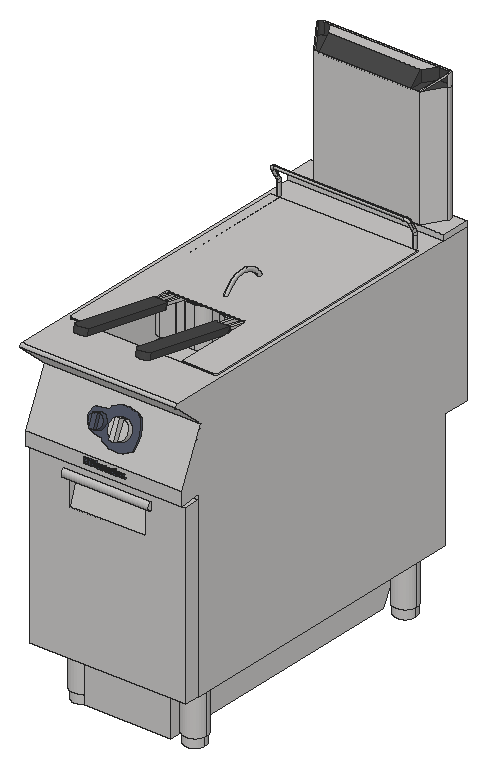
Revit family "QF_ELECTROLUXPROFESSIONAL_391084_E9FRGD1JFT", category Specialty Equipment, Revit 2018 (continued)
Automatic sketch dimensions
  Extrusion 16 sketch curve to Extrusion 16 sketch curve = 0.291 mm
  plane 7 "Center Y" to Extrusion 16 sketch curve = 8.533 mm
  Extrusion 16 sketch curve to Extrusion 16 sketch curve = 1.049 mm  (x2)
  Extrusion 16 sketch curve to Extrusion 16 sketch curve = 1.7 mm
  Extrusion 16 sketch curve to Extrusion 16 sketch curve = 0.894 mm
  Extrusion 16 sketch curve to plane 7 "Center Y" = 1.202 mm
  Extrusion 16 sketch curve to Extrusion 16 sketch curve = 0.989 mm
  Extrusion 16 sketch curve to Extrusion 16 sketch curve = 1.168 mm
  Extrusion 16 sketch curve to Extrusion 16 sketch curve = 1.594 mm
  Extrusion 16 sketch curve to Extrusion 16 sketch curve = 0.731 mm
  Extrusion 16 sketch curve to Extrusion 16 sketch curve = 1.566 mm
  Extrusion 16 sketch curve to Extrusion 16 sketch curve = 0.064 mm
  plane 7 "Center Y" to Extrusion 16 sketch curve = 9.089 mm
  Extrusion 16 sketch curve to Extrusion 16 sketch curve = 0.556 mm  (x2)
  Extrusion 16 sketch curve to Extrusion 16 sketch curve = 0.48 mm
  Extrusion 16 sketch curve to Extrusion 16 sketch curve = 1.018 mm
  Extrusion 16 sketch curve to Extrusion 16 sketch curve = 0.787 mm
  Extrusion 16 sketch curve to Extrusion 16 sketch curve = 0.618 mm
  Extrusion 16 sketch curve to Extrusion 16 sketch curve = 1.672 mm
  Extrusion 16 sketch curve to Extrusion 16 sketch curve = 1.361 mm
  Extrusion 16 sketch curve to Extrusion 16 sketch curve = 0.822 mm
  Extrusion 16 sketch curve to Extrusion 16 sketch curve = 0.069 mm
  Extrusion 16 sketch curve to Extrusion 16 sketch curve = 1.88 mm
  Extrusion 16 sketch curve to Extrusion 16 sketch curve = 0.42 mm
  Extrusion 16 sketch curve to Extrusion 16 sketch curve = 0.062 mm
  Extrusion 16 sketch curve to Extrusion 16 sketch curve = 1.355 mm
  Extrusion 16 sketch curve to Extrusion 16 sketch curve = 2.34 mm
  Extrusion 16 sketch curve to Extrusion 16 sketch curve = 0.493 mm
  Extrusion 16 sketch curve to Extrusion 16 sketch curve = 0.136 mm
  Extrusion 16 sketch curve to Extrusion 16 sketch curve = 0.128 mm
  Extrusion 16 sketch curve to Extrusion 16 sketch curve = 3.616 mm
  Extrusion 16 sketch curve to Extrusion 16 sketch curve = 4.207 mm
  Extrusion 16 sketch curve to Extrusion 16 sketch curve = 0.183 mm
  Extrusion 16 sketch curve to Extrusion 16 sketch curve = 0.895 mm
  Extrusion 16 sketch curve to Extrusion 16 sketch curve = 1.314 mm
  Extrusion 16 sketch curve to Extrusion 16 sketch curve = 3.231 mm
  Extrusion 16 sketch curve to Extrusion 16 sketch curve = 1.299 mm
  Extrusion 16 sketch curve to Extrusion 16 sketch curve = 1.214 mm
  Extrusion 16 sketch curve to Extrusion 16 sketch curve = 1.264 mm
  Extrusion 16 sketch curve to Extrusion 16 sketch curve = 0.109 mm
  Extrusion 16 sketch curve to Extrusion 16 sketch curve = 0.357 mm
  Extrusion 16 sketch curve to Extrusion 16 sketch curve = 0.565 mm
  Extrusion 16 sketch curve to Extrusion 16 sketch curve = 2.504 mm
  Extrusion 16 sketch curve to Extrusion 16 sketch curve = 2.459 mm
  Extrusion 16 sketch curve to Extrusion 16 sketch curve = 1.322 mm
  Extrusion 16 sketch curve to Extrusion 16 sketch curve = 2.77 mm
  Extrusion 16 sketch curve to Extrusion 16 sketch curve = 2.51 mm
  Extrusion 16 sketch curve to Extrusion 16 sketch curve = 0.187 mm
  Extrusion 16 sketch curve to Extrusion 16 sketch curve = 2.559 mm
  Extrusion 16 sketch curve to Extrusion 16 sketch curve = 1.556 mm
  Extrusion 16 sketch curve to Extrusion 16 sketch curve = 0.222 mm
  Extrusion 16 sketch curve to Extrusion 16 sketch curve = 1.383 mm
  Extrusion 16 sketch curve to Extrusion 16 sketch curve = 3.114 mm
  Extrusion 16 sketch curve to Extrusion 16 sketch curve = 3.376 mm
  Extrusion 16 sketch curve to Extrusion 16 sketch curve = 0.934 mm
  Extrusion 16 sketch curve to Extrusion 16 sketch curve = 0.191 mm
  Extrusion 16 sketch curve to Extrusion 16 sketch curve = 3.696 mm
  Extrusion 16 sketch curve to Extrusion 16 sketch curve = 2.708 mm
  Extrusion 16 sketch curve to Extrusion 16 sketch curve = 3.333 mm
  Extrusion 16 sketch curve to Extrusion 16 sketch curve = 0.332 mm
  Extrusion 16 sketch curve to Extrusion 16 sketch curve = 1.087 mm
  Extrusion 16 sketch curve to Extrusion 16 sketch curve = 2.23 mm
  Extrusion 16 sketch curve to Extrusion 16 sketch curve = 2.757 mm
  Extrusion 16 sketch curve to Extrusion 16 sketch curve = 0.987 mm
  Extrusion 16 sketch curve to Extrusion 16 sketch curve = 1.529 mm
  Extrusion 16 sketch curve to Extrusion 16 sketch curve = 1.796 mm
  Extrusion 16 sketch curve to Extrusion 16 sketch curve = 2.859 mm
  Extrusion 16 sketch curve to Extrusion 16 sketch curve = 0.853 mm
  Extrusion 16 sketch curve to Extrusion 16 sketch curve = 1.241 mm
  Extrusion 16 sketch curve to Extrusion 16 sketch curve = 2.046 mm  (x2)
  Extrusion 16 sketch curve to Extrusion 16 sketch curve = 2.422 mm
  Extrusion 16 sketch curve to Extrusion 16 sketch curve = 0.27 mm  (x2)
  Extrusion 16 sketch curve to Extrusion 16 sketch curve = 0.69 mm
  Extrusion 16 sketch curve to Extrusion 16 sketch curve = 0.781 mm  (x2)
  Extrusion 16 sketch curve to Extrusion 16 sketch curve = 3.136 mm
  Extrusion 16 sketch curve to Extrusion 16 sketch curve = 1.767 mm
  Extrusion 16 sketch curve to Extrusion 16 sketch curve = 0.138 mm
  Extrusion 16 sketch curve to Extrusion 16 sketch curve = 0.777 mm
  Extrusion 16 sketch curve to Extrusion 16 sketch curve = 1.19 mm
  Extrusion 16 sketch curve to Extrusion 16 sketch curve = 0.782 mm
  Extrusion 16 sketch curve to Extrusion 16 sketch curve = 1.268 mm
  Extrusion 16 sketch curve to Extrusion 16 sketch curve = 0.422 mm  (x2)
  Extrusion 16 sketch curve to Extrusion 16 sketch curve = 1.559 mm
  Extrusion 16 sketch curve to Extrusion 16 sketch curve = 3.927 mm
  Extrusion 16 sketch curve to Extrusion 16 sketch curve = 0.983 mm
  Extrusion 16 sketch curve to Extrusion 16 sketch curve = 1.134 mm
  Extrusion 16 sketch curve to Extrusion 16 sketch curve = 0.094 mm
  Extrusion 16 sketch curve to Extrusion 16 sketch curve = 1.584 mm
  Extrusion 16 sketch curve to Extrusion 16 sketch curve = 0.916 mm
  Extrusion 16 sketch curve to Extrusion 16 sketch curve = 0.352 mm
  Extrusion 16 sketch curve to Extrusion 16 sketch curve = 0.458 mm
  Extrusion 16 sketch curve to Extrusion 16 sketch curve = 1.282 mm
  Extrusion 16 sketch curve to Extrusion 16 sketch curve = 0.685 mm
  Extrusion 16 sketch curve to Extrusion 16 sketch curve = 0.905 mm
  Extrusion 16 sketch curve to Extrusion 16 sketch curve = 2.865 mm
  Extrusion 16 sketch curve to Extrusion 16 sketch curve = 0.472 mm
  Extrusion 16 sketch curve to Extrusion 16 sketch curve = 0.101 mm
  Extrusion 16 sketch curve to Extrusion 16 sketch curve = 0.54 mm
  Extrusion 16 sketch curve to Extrusion 16 sketch curve = 0.02 mm
  Extrusion 16 sketch curve to Extrusion 16 sketch curve = 0.468 mm
  Extrusion 16 sketch curve to Extrusion 16 sketch curve = 0.829 mm
  Extrusion 16 sketch curve to Extrusion 16 sketch curve = 0.582 mm
  Extrusion 16 sketch curve to Extrusion 16 sketch curve = 0.166 mm
  Extrusion 16 sketch curve to Extrusion 16 sketch curve = 0.16 mm
  Extrusion 16 sketch curve to Extrusion 16 sketch curve = 2.781 mm
  Extrusion 16 sketch curve to Extrusion 16 sketch curve = 1.118 mm
  Extrusion 16 sketch curve to Extrusion 16 sketch curve = 0.613 mm
  Extrusion 16 sketch curve to Extrusion 16 sketch curve = 0.361 mm
  Extrusion 16 sketch curve to Extrusion 16 sketch curve = 0.897 mm
  Extrusion 16 sketch curve to Extrusion 16 sketch curve = 0.167 mm
  Extrusion 16 sketch curve to Extrusion 16 sketch curve = 0.292 mm
  Extrusion 16 sketch curve to Extrusion 16 sketch curve = 0.305 mm
  Extrusion 16 sketch curve to Extrusion 16 sketch curve = 1.557 mm
  Extrusion 16 sketch curve to Extrusion 16 sketch curve = 2.499 mm
  Extrusion 16 sketch curve to Extrusion 16 sketch curve = 3.062 mm
  Extrusion 16 sketch curve to Extrusion 16 sketch curve = 2.968 mm
  Extrusion 16 sketch curve to Extrusion 16 sketch curve = 5.044 mm
  Extrusion 16 sketch curve to Extrusion 16 sketch curve = 0.629 mm  (x2)
  Extrusion 16 sketch curve to Extrusion 16 sketch curve = 1.131 mm
  Extrusion 16 sketch curve to Extrusion 16 sketch curve = 0.137 mm
  Extrusion 16 sketch curve to Extrusion 16 sketch curve = 0.027 mm
  Extrusion 16 sketch curve to Extrusion 16 sketch curve = 2.235 mm
  Extrusion 17 sketch curve to Extrusion 17 sketch curve = 0 mm  (x2)
  Extrusion 17 sketch curve to plane 7 "Center Y" = 7.904 mm
  Extrusion 17 sketch curve to plane 7 "Center Y" = 14.86 mm
  Extrusion 17 sketch curve to Extrusion 17 sketch curve = 112.63 mm
  Extrusion 17 sketch curve to Extrusion 17 sketch curve = 1.398 mm
  Extrusion 17 sketch curve to Extrusion 17 sketch curve = 5.918 mm
  Extrusion 17 sketch curve to Extrusion 17 sketch curve = 7.825 mm
  Extrusion 17 sketch curve to Extrusion 17 sketch curve = 12.433 mm
  Extrusion 17 sketch curve to Extrusion 17 sketch curve = 33.329 mm
  Extrusion 17 sketch curve to Extrusion 17 sketch curve = 28.808 mm
  Extrusion 17 sketch curve to Extrusion 17 sketch curve = 2.986 mm
  Extrusion 17 sketch curve to Extrusion 17 sketch curve = 35.441 mm
  Extrusion 17 sketch curve to Extrusion 17 sketch curve = 23.969 mm
  Extrusion 17 sketch curve to plane 7 "Center Y" = 15.937 mm
  Extrusion 17 sketch curve to Extrusion 17 sketch curve = 31.993 mm
  Extrusion 17 sketch curve to Extrusion 17 sketch curve = 0.131 mm
  Extrusion 17 sketch curve to Extrusion 17 sketch curve = 36.738 mm
  Extrusion 17 sketch curve to Extrusion 17 sketch curve = 6.105 mm
  plane 7 "Center Y" to Extrusion 17 sketch curve = 23.064 mm
  Extrusion 17 sketch curve to Extrusion 17 sketch curve = 0.002 mm
  Extrusion 17 sketch curve to Extrusion 17 sketch curve = 38.412 mm
  Extrusion 17 sketch curve to Extrusion 17 sketch curve = 11.842 mm
  Extrusion 19 sketch curve to Extrusion 19 sketch curve = 24.732 mm
  Extrusion 19 sketch curve to Extrusion 19 sketch curve = 0 mm
  Extrusion 21 sketch curve to Extrusion 21 sketch curve = 0 mm
  Extrusion 21 sketch curve to Extrusion 21 sketch curve = 7.232 mm  (x3)
  Extrusion 21 sketch curve to Extrusion 21 sketch curve = 17.5 mm
  Extrusion 21 sketch curve to Extrusion 21 sketch curve = 5.786 mm
  Extrusion 24 sketch curve to Extrusion 24 sketch curve = 0 mm  (x8)
  Extrusion 24 sketch curve to plane 7 "Center Y" = 12.729 mm
  Extrusion 24 sketch curve to Extrusion 24 sketch curve = 3.175 mm
  Extrusion 24 sketch curve to Extrusion 24 sketch curve = 22.225 mm  (x2)
  plane 16 to Extrusion 24 sketch curve = 15.596 mm  (x2)
  Extrusion 24 sketch curve to plane 16 = 6.629 mm
  plane 12 to Extrusion 24 sketch curve = 59.26 mm
  Extrusion 24 sketch curve to plane 8 "Center X" = 80.89 mm
  plane 10 "TOP A" to Extrusion 26 sketch curve = 2.752 mm
  Extrusion 26 sketch curve to plane 8 "Center X" = 166.75 mm
  Extrusion 26 sketch curve to Extrusion 26 sketch curve = 2.306 mm
  Extrusion 26 sketch curve to Extrusion 26 sketch curve = 42.039 mm
  Extrusion 26 sketch curve to Extrusion 26 sketch curve = 6.254 mm
  Extrusion 26 sketch curve to Extrusion 26 sketch curve = 59.061 mm
  Extrusion 26 sketch curve to Extrusion 26 sketch curve = 7.158 mm
  Extrusion 26 sketch curve to Extrusion 26 sketch curve = 18.997 mm
  plane 10 "TOP A" to Extrusion 27 sketch curve = 2.752 mm
  Extrusion 27 sketch curve to plane 8 "Center X" = 166.75 mm
  Extrusion 27 sketch curve to Extrusion 27 sketch curve = 2.306 mm
  Extrusion 27 sketch curve to Extrusion 27 sketch curve = 42.039 mm
  Extrusion 27 sketch curve to Extrusion 27 sketch curve = 6.254 mm
  Extrusion 27 sketch curve to Extrusion 27 sketch curve = 59.061 mm
  Extrusion 27 sketch curve to Extrusion 27 sketch curve = 7.158 mm
  Extrusion 27 sketch curve to Extrusion 27 sketch curve = 5.916 mm
  Extrusion 28 sketch curve to Extrusion 28 sketch curve = 0 mm  (x8)
  plane 7 "Center Y" to Extrusion 28 sketch curve = 12.729 mm
  Extrusion 28 sketch curve to Extrusion 28 sketch curve = 3.175 mm
  Extrusion 28 sketch curve to Extrusion 28 sketch curve = 22.225 mm  (x2)
  Extrusion 28 sketch curve to plane 15 = 15.596 mm  (x2)
  plane 21 to Extrusion 28 sketch curve = 4.371 mm
  Extrusion 28 sketch curve to plane 8 "Center X" = 106.29 mm
  plane 12 to Extrusion 28 sketch curve = 84.66 mm
  plane 10 "TOP A" to Extrusion 29 sketch curve = 2.752 mm
  Extrusion 29 sketch curve to plane 8 "Center X" = 166.75 mm
  Extrusion 29 sketch curve to Extrusion 29 sketch curve = 2.306 mm
  Extrusion 29 sketch curve to Extrusion 29 sketch curve = 42.039 mm
  Extrusion 29 sketch curve to Extrusion 29 sketch curve = 6.254 mm
  Extrusion 29 sketch curve to Extrusion 29 sketch curve = 59.061 mm
  Extrusion 29 sketch curve to Extrusion 29 sketch curve = 7.158 mm
  Extrusion 29 sketch curve to Extrusion 29 sketch curve = 5.916 mm
  Extrusion 30 sketch curve to plane 11 = 0 mm
  level to Extrusion 30 sketch curve = 11 mm
  plane 13 to Extrusion 30 sketch curve = 35.361 mm
  plane 12 to Extrusion 30 sketch curve = 31.049 mm
  Extrusion 30 sketch curve to plane 12 = 46 mm
  Split face 1 sketch curve to Extrusion 30 = 2 mm  (x3)
  Split face 1 sketch curve to Extrusion 30 = 47.969 mm
  Split face 2 sketch curve to Extrusion 30 = 51.412 mm
  Split face 2 sketch curve to Split face 2 sketch curve = 7.5 mm
  Split face 2 sketch curve to Split face 2 sketch curve = 15 mm  (x2)
  Split face 2 sketch curve to Extrusion 30 = 35.145 mm
  Extrusion 31 sketch curve to plane 15 = 45.378 mm
  Extrusion 31 sketch curve to Extrusion 31 sketch curve = 0 mm
  Extrusion 31 sketch curve to Extrusion 31 sketch curve = 11.832 mm
  Extrusion 31 sketch curve to plane 15 = 48.887 mm
  Extrusion 31 sketch curve to Extrusion 31 sketch curve = 243.056 mm
  Extrusion 31 sketch curve to Extrusion 31 sketch curve = 3.5 mm
  Extrusion 31 sketch curve to Extrusion 31 sketch curve = 18.617 mm
  Extrusion 32 sketch curve to plane 22 = 0 mm
  Extrusion 32 sketch curve to plane 15 = 33.649 mm
  plane 16 to Extrusion 32 sketch curve = 33.649 mm
  plane 13 to Extrusion 32 sketch curve = 35.361 mm
  Extrusion 3 sketch curve to plane 4 "RIGHT" = 11.548 mm
  Extrusion 3 sketch curve to Extrusion 3 sketch curve = 6.35 mm  (x3)
  Extrusion 3 sketch curve to plane 13 = 12.857 mm
  Extrusion 3 sketch curve to plane 15 = 37.387 mm
  Extrusion 3 sketch curve to plane 15 = 43.712 mm
  plane 16 to Extrusion 3 sketch curve = 47.563 mm
  Extrusion 3 sketch curve to plane 13 = 19.207 mm
  plane 16 to Extrusion 3 sketch curve = 41.213 mm
  plane 3 "LEFT" to Extrusion 3 sketch curve = 17.898 mm
  plane 3 "LEFT" to Extrusion 3 sketch curve = 11.548 mm
  Extrusion 3 sketch curve to plane 8 "Center X" = 121.546 mm
  plane 12 to Extrusion 3 sketch curve = 15.304 mm
  plane 5 "FRONT" to Extrusion 5 sketch curve = 0 mm  (x2)
  plane 1 "BACK" to Extrusion 5 sketch curve = 0 mm
  Extrusion 5 sketch curve to plane 3 "LEFT" = 0 mm
  Extrusion 5 sketch curve to plane 4 "RIGHT" = 0 mm
  Extrusion 5 sketch curve to plane 3 "LEFT" = 150.019 mm
  plane 4 "RIGHT" to Extrusion 5 sketch curve = 150.019 mm
  Extrusion 5 sketch curve to plane 1 "BACK" = 150.019 mm
  curve 30 to curve 31 = 0 mm
  curve 37 to curve 38 = 0 mm
  curve 22 to plane 4 "RIGHT" = 0 mm
  curve 23 to plane 4 "RIGHT" = 0 mm
  plane 5 "FRONT" to curve 24 = 0 mm
  curve 72 to plane 22 = 0 mm
  curve 27 to plane 3 "LEFT" = 0 mm
  plane 1 "BACK" to curve 29 = 0 mm
  plane 5 "FRONT" to curve 3 = 0 mm
  plane 5 "FRONT" to curve 1 = 0 mm
  curve 28 to plane 4 "RIGHT" = 11.548 mm
  curve 16 to curve 65 = 6.218 mm
  curve 16 to curve 16 = 6.218 mm
  curve 17 to curve 42 = 9.722 mm
  curve 39 to curve 42 = 3.955 mm
  curve 39 to curve 37 = 3.999 mm
  curve 42 to curve 43 = 1.398 mm
  curve 40 to curve 41 = 2.174 mm
  curve 41 to curve 43 = 0.475 mm
  curve 24 to plane 15 = 18.24 mm
  curve 72 to plane 15 = 33.649 mm
  curve 15 to plane 15 = 37.387 mm
  curve 15 to curve 15 = 6.325 mm
  curve 69 to plane 15 = 45.378 mm
  curve 57 to curve 62 = 3.509 mm
  curve 13 to curve 60 = 5.745 mm
  curve 60 to curve 12 = 0.605 mm
  curve 13 to curve 59 = 5.251 mm
  curve 69 to curve 68 = 18.617 mm
  curve 69 to curve 68 = 0 mm
  curve 59 to curve 61 = 17.363 mm
  curve 61 to curve 63 = 2.936 mm
  curve 61 to curve 64 = 5.857 mm
  curve 64 to curve 58 = 0.579 mm
  plane 7 "Center Y" to curve 19 = 4.443 mm
  curve 21 to plane 7 "Center Y" = 0.006 mm
  curve 54 to plane 7 "Center Y" = 61.387 mm
  curve 47 to curve 49 = 3.5 mm
  curve 49 to curve 55 = 0.579 mm
  curve 54 to curve 52 = 2.936 mm
  curve 67 to curve 66 = 18.617 mm
  curve 67 to curve 66 = 0 mm
  curve 52 to curve 50 = 17.363 mm
  curve 50 to curve 51 = 5.857 mm
  curve 51 to curve 53 = 0.57 mm
  curve 51 to curve 11 = 1.895 mm
  curve 53 to curve 48 = 3.509 mm
  curve 11 to curve 10 = 6.35 mm
  curve 9 to curve 9 = 6.272 mm
  plane 16 to curve 70 = 33.649 mm
  plane 16 to curve 24 = 3.881 mm
  plane 12 to curve 36 = 17.746 mm
  curve 36 to plane 16 = 24.082 mm
  curve 25 to curve 34 = 0.475 mm
  curve 25 to curve 33 = 2.65 mm
  curve 33 to curve 35 = 1.398 mm
  curve 33 to curve 30 = 3.999 mm
  curve 26 to curve 35 = 6.218 mm
  plane 3 "LEFT" to curve 7 = 17.965 mm
  curve 7 to curve 7 = 6.416 mm
  curve 23 to curve 4 = 4.082 mm
  plane 12 to curve 30 = 3.22 mm
  plane 12 to curve 38 = 3.22 mm
  curve 32 to curve 45 = 8.085 mm
  curve 37 to curve 46 = 8.085 mm
  curve 38 to curve 28 = 8.085 mm
  curve 46 to curve 43 = 2.442 mm
  curve 36 to curve 34 = 2.87 mm
  curve 43 to curve 41 = 2.87 mm
  curve 34 to curve 36 = 3.923 mm
  curve 33 to curve 35 = 0.8 mm
  plane 8 "Center X" to curve 21 = 51.156 mm
  curve 20 to plane 8 "Center X" = 55.62 mm
  curve 19 to curve 64 = 59.576 mm
  curve 13 to curve 59 = 43.267 mm
  curve 55 to curve 54 = 49.617 mm
  curve 55 to curve 54 = 3.381 mm
  curve 64 to curve 63 = 3.381 mm
  curve 58 to curve 57 = 3.39 mm
  curve 49 to curve 48 = 3.39 mm
  curve 15 to plane 13 = 19.182 mm
  curve 6 to plane 13 = 19.151 mm
  curve 16 to plane 13 = 19.075 mm
  curve 15 to curve 65 = 6.447 mm
  curve 44 to plane 13 = 12.735 mm
  curve 69 to plane 5 "FRONT" = 58.931 mm
  curve 67 to plane 5 "FRONT" = 58.931 mm
  curve 23 to plane 5 "FRONT" = 57 mm
  curve 67 to curve 66 = 3.043 mm
  curve 69 to curve 68 = 3.043 mm
  curve 66 to curve 67 = 9.034 mm
  curve 68 to curve 69 = 9.034 mm
  curve 67 to curve 48 = 3.111 mm
  curve 69 to curve 57 = 3.111 mm
  Extrusion 8 sketch curve to plane 4 "RIGHT" = 0 mm
  plane 3 "LEFT" to Extrusion 8 sketch curve = 0.912 mm
  Extrusion 8 sketch curve to plane 5 "FRONT" = 30 mm
  Sweep 14 sketch curve to plane 10 "TOP A" = 0 mm
  plane 12 to Sweep 14 sketch curve = 23.684 mm
  Sweep 14 sketch curve to plane 6 "TOP" = 3.838 mm
  plane 12 to Sweep 14 sketch curve = 14.718 mm
  plane 12 to Sweep 14 sketch curve = 9.424 mm
  plane 12 to Sweep 14 sketch curve = 7.218 mm
  Sweep 14 sketch curve to Sweep 14 sketch curve = 17.402 mm
  Sweep 14 sketch curve to Sweep 14 sketch curve = 0 mm  (x4)
  profile plane to Sweep 14 sketch curve = 3.998 mm  (x2)
  Sweep 14 sketch curve to profile plane = 0.001 mm  (x2)
  plane 3 "LEFT" to Sweep 14 sketch curve = 25.269 mm
  Sweep 14 sketch curve to Sweep 14 sketch curve = 349.461 mm
  plane 10 "TOP A" to Extrusion 23 sketch curve = 2.752 mm
  Extrusion 23 sketch curve to plane 8 "Center X" = 166.75 mm
  Extrusion 23 sketch curve to Extrusion 23 sketch curve = 2.306 mm
  Extrusion 23 sketch curve to Extrusion 23 sketch curve = 42.039 mm
  Extrusion 23 sketch curve to Extrusion 23 sketch curve = 6.254 mm
  Extrusion 23 sketch curve to Extrusion 23 sketch curve = 59.061 mm
  Extrusion 23 sketch curve to Extrusion 23 sketch curve = 7.158 mm
  Extrusion 23 sketch curve to Extrusion 23 sketch curve = 18.997 mm
  plane 16 to Extrusion 25 sketch curve = 45.378 mm
  Extrusion 25 sketch curve to Extrusion 25 sketch curve = 0 mm
  Extrusion 25 sketch curve to Extrusion 25 sketch curve = 11.832 mm
  plane 16 to Extrusion 25 sketch curve = 48.887 mm
  Extrusion 25 sketch curve to Extrusion 25 sketch curve = 243.056 mm
  Extrusion 25 sketch curve to Extrusion 25 sketch curve = 3.5 mm
  Extrusion 25 sketch curve to Extrusion 25 sketch curve = 18.617 mm
  Extrusion 33 sketch curve to plane 15 = 8.298 mm
  Extrusion 33 sketch curve to plane 12 = 56 mm
  plane 1 "BACK" to Extrusion 33 sketch curve = 19.566 mm  (x2)
  Extrusion 33 sketch curve to Extrusion 33 sketch curve = 5.446 mm  (x2)
  plane 1 "BACK" to Extrusion 33 sketch curve = 4.12 mm
  Extrusion 33 sketch curve to plane 21 = 5.067 mm
  plane 16 to Extrusion 33 sketch curve = 8.298 mm
  Extrusion 33 sketch curve to plane 16 = 16.067 mm
  Extrusion 34 sketch curve to Extrusion 34 sketch curve = 0 mm  (x2)
  Extrusion 33 to Extrusion 34 sketch curve = 0 mm
  Extrusion 34 sketch curve to Extrusion 34 sketch curve = 7 mm
  Extrusion 34 sketch curve to Extrusion 34 sketch curve = 3.812 mm  (x2)
  Extrusion 34 sketch curve to Extrusion 34 sketch curve = 1.634 mm  (x2)
  Extrusion 35 sketch curve to plane 12 = 56 mm
  plane 1 "BACK" to Extrusion 35 sketch curve = 38.56 mm
  plane 1 "BACK" to Extrusion 35 sketch curve = 7.12 mm
  plane 11 to Extrusion 35 sketch curve = 1019.8 mm
  Extrusion 35 sketch curve to Extrusion 35 sketch curve = 30.2 mm
  Extrusion 36 sketch curve to Extrusion 33 = 31.44 mm  (x2)
  Extrusion 36 sketch curve to Extrusion 33 = 3 mm  (x2)
  Extrusion 36 sketch curve to Extrusion 33 = 35.692 mm
  Extrusion 36 sketch curve to Extrusion 36 sketch curve = 19.646 mm  (x2)
  Extrusion 36 sketch curve to Extrusion 36 sketch curve = 236.702 mm
  Extrusion 37 sketch curve to Extrusion 33 = 0 mm  (x3)
  Extrusion 37 sketch curve to Extrusion 37 sketch curve = 6.685 mm
  Extrusion 37 sketch curve to Extrusion 33 = 26.843 mm
  Extrusion 37 sketch curve to Extrusion 37 sketch curve = 3.357 mm
  plane 11 to Extrusion 38 sketch curve = 1019.8 mm
  Extrusion 38 sketch curve to Extrusion 38 sketch curve = 6.685 mm
  Extrusion 38 sketch curve to Extrusion 38 sketch curve = 53.45 mm
  Extrusion 38 sketch curve to Extrusion 38 sketch curve = 26.843 mm
  Extrusion 38 sketch curve to Extrusion 38 sketch curve = 3.357 mm
  curve 75 to curve 88 = 0 mm  (x2)
  curve 77 to curve 80 = 0 mm  (x2)
  curve 77 to plane 16 = 24.454 mm
  curve 78 to curve 80 = 2.516 mm
  plane 1 "BACK" to curve 80 = 7.12 mm
  curve 79 to curve 80 = 5.871 mm
  plane 16 to curve 82 = 1.984 mm
  plane 16 to curve 73 = 8.298 mm
  curve 73 to curve 79 = 3.577 mm
  curve 79 to curve 83 = 9.755 mm
  curve 83 to curve 126 = 5.58 mm
  curve 127 to curve 128 = 9.542 mm
  curve 126 to curve 122 = 2.458 mm
  curve 123 to curve 125 = 9.542 mm
  curve 124 to curve 119 = 2.458 mm
  curve 119 to curve 120 = 9.542 mm
  curve 120 to curve 116 = 2.458 mm
  curve 114 to curve 114 = 9.542 mm
  curve 116 to curve 111 = 2.458 mm
  curve 111 to curve 112 = 9.542 mm
  curve 112 to curve 107 = 2.458 mm
  curve 106 to curve 106 = 9.542 mm
  curve 106 to curve 102 = 2.458 mm
  curve 103 to curve 105 = 9.542 mm
  curve 104 to curve 99 = 2.458 mm
  curve 99 to curve 100 = 9.542 mm
  curve 100 to curve 96 = 2.458 mm
  curve 94 to curve 94 = 9.542 mm
  curve 96 to curve 91 = 2.458 mm
  plane 7 "Center Y" to curve 93 = 0.752 mm
  curve 90 to curve 130 = 2.458 mm
  curve 130 to curve 131 = 9.542 mm
  curve 131 to curve 136 = 2.458 mm
  curve 134 to curve 135 = 9.542 mm
  curve 134 to curve 141 = 2.458 mm
  curve 140 to curve 140 = 9.542 mm
  curve 138 to curve 145 = 2.458 mm
  curve 144 to curve 143 = 9.542 mm
  curve 142 to curve 146 = 2.458 mm
  curve 148 to curve 148 = 9.542 mm
  curve 147 to curve 152 = 2.458 mm
  curve 152 to curve 152 = 9.542 mm
  curve 150 to curve 154 = 2.458 mm
  curve 154 to curve 155 = 9.542 mm
  curve 155 to curve 161 = 2.458 mm
  curve 160 to curve 160 = 9.542 mm
  curve 159 to curve 164 = 2.458 mm
  curve 164 to curve 163 = 9.542 mm
  curve 163 to curve 86 = 5.58 mm
  curve 89 to plane 15 = 11.875 mm
  curve 87 to plane 15 = 10.022 mm
  curve 89 to curve 73 = 3.577 mm
  curve 88 to plane 21 = 5.067 mm
  curve 75 to curve 88 = 5.871 mm
  curve 89 to curve 74 = 2.516 mm
  curve 80 to curve 80 = 7 mm
  curve 88 to curve 87 = 7 mm
  curve 78 to curve 80 = 1.634 mm
  curve 74 to curve 89 = 1.634 mm
  curve 86 to curve 87 = 31.44 mm
  curve 149 to curve 150 = 0 mm
  curve 163 to curve 84 = 3.656 mm
  curve 145 to curve 146 = 0 mm
  curve 161 to curve 162 = 0 mm
  curve 141 to curve 142 = 0 mm
  curve 150 to curve 157 = 0 mm
  curve 155 to curve 158 = 0 mm
  curve 137 to curve 138 = 0 mm
  curve 90 to curve 133 = 0 mm
  curve 131 to curve 134 = 0 mm
  curve 94 to curve 90 = 0 mm
  curve 127 to curve 83 = 3.656 mm
  curve 98 to curve 94 = 0 mm
  curve 126 to curve 123 = 0 mm
  curve 102 to curve 98 = 0 mm
  curve 122 to curve 119 = 0 mm
  curve 110 to curve 106 = 0 mm
  curve 117 to curve 110 = 0 mm
  curve 118 to curve 115 = 0 mm
  curve 149 to curve 146 = 26.091 mm
  curve 116 to curve 111 = 0 mm
  curve 112 to curve 108 = 0 mm
  curve 120 to curve 115 = 0 mm
  curve 108 to curve 104 = 0 mm
  curve 124 to curve 119 = 0 mm
  curve 104 to curve 100 = 0 mm
  curve 128 to curve 123 = 0 mm
  curve 100 to curve 96 = 0 mm
  curve 96 to curve 131 = 0 mm
  curve 96 to curve 92 = 0 mm
  curve 131 to curve 135 = 0 mm
  curve 143 to curve 149 = 0 mm
  curve 149 to curve 151 = 0 mm
  curve 135 to curve 139 = 0 mm
  curve 151 to curve 155 = 0 mm
  curve 139 to curve 144 = 0 mm
  curve 159 to curve 164 = 0 mm
  curve 155 to curve 160 = 0 mm
  curve 78 to curve 127 = 1.693 mm
  curve 27 to plane 12 = 54.11 mm
  radius of Sweep 4 sketch curve = 4.353 mm
  radius of Sweep 15 sketch curve = 4 mm
  radius of Extrusion 18 sketch curve = 25.4 mm
  radius of Extrusion 19 sketch curve to Extrusion 18 = 0 mm  (x2)
  radius of Extrusion 20 sketch curve = 18.37 mm
  radius of Extrusion 22 sketch curve = 6.35 mm
  radius of Extrusion 34 sketch curve to Extrusion 33 = 0 mm
  radius of Extrusion 34 sketch curve to Extrusion 33 = 3 mm
Connectors
  piping at (355, -648, 135), diameter 12.8
    settings: on Extrusion 22, index 1, connector inside diameter 0.50394", connector length 0 mm, flow factor 0, pipe flow 0 GPM, pressure drop 0.00 psi, fitting loss kfactor 0, connector angle 0.00°, fixture units 0, engagement length 0 mm, angle of deflection 0.00°, flow configuration 1, flow direction 1, fitting loss method 0, system type 7, joint type 0, gender type 0, connector reference index -1, connector utility 0, adjustable connector no, is connector primary yes, connector description "GAS CONNECTION"
